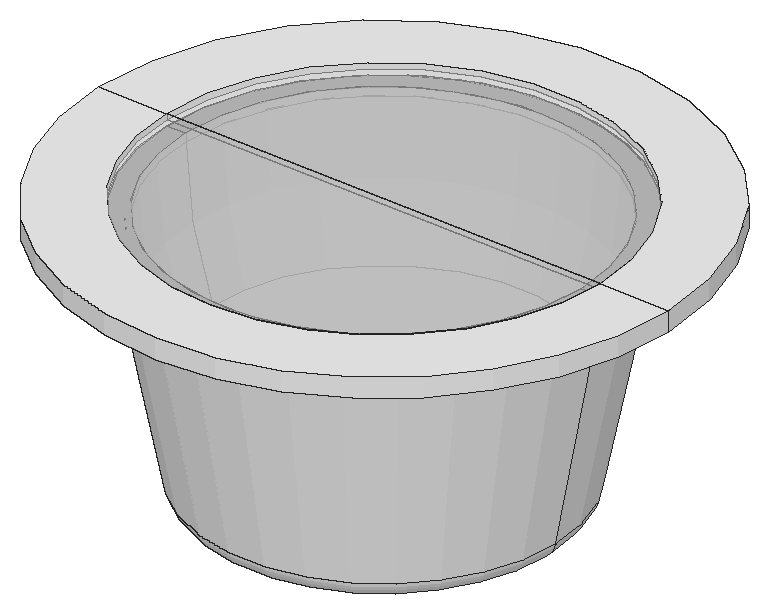
Revit family "2060541+2039013 Sylvania Lighting Fixture ASCENT 100 II ARCH 1000 3K STD EMG 160 with IP54 PC Cover", category Lighting Fixtures, host Face, Revit 2016
Family settings
  Host = Face
  Part Type = Normal
  Round Connector Dimension = Use Diameter
  OmniClass Number = 23.80.70.11.17
  OmniClass Title = Specialized Lighting by Location or Use
  Cut with Voids When Loaded = No
  Light Source = Yes
  Shared = No
  Room Calculation Point = No
Parameters (values of type "2060541+2039013 ASCT100 II ARCH 1000 3K STD EMG 160 with IP54 PC Cover")
  WidthBezelAcc_SYL = 25.0 mm
  Weight = "1.92 kg"
  Wattage = 9 W
  WarrantyStartDate [instance] = "n/a"
  WarrantyGuarantorParts = "n/a"
  WarrantyDurationUnit = "n/a"
  WarrantyDurationParts = "n/a"
  WarrantyDescription = "n/a"
  built-in parameter 1150110 = 1 (stored number, unit not read)
  Voltage = 0 V
  VisibilityAccessory_SYL = yes
  TypeName = "ASCENT 100 II ARCH 1000 3K STD EMG 160 with IP54 PC Cover"
  built-in parameter 1114217 = 1 (stored number, unit not read)
  Tilt Angle = -90°
  built-in parameter 1150109 = 1 (stored number, unit not read)
  built-in parameter 1150134 = (empty or 0)
  built-in parameter 1150113 = 1 (stored number, unit not read)
  SerialNumber [instance] = "n/a"
  ReflectorRadius_SYL = Radius_SYL - 14.5 mm  # 80.0 mm
  RadiusAcc_SYL = 105.0 mm
  Radius_SYL = 94.5 mm
  URL = "http://www.sylvania-lighting.com"
  PowerFactor = 0
  PowerConsumption = "9 W"
  Photometric Web File = "2060541.ies"
  NominalWidth = 0.0 mm
  NominalLength = 0.0 mm
  NominalHeight = 94.0 mm
  Name = "ASCENT 100 II ARCH 1000 3K STD EMG 160 with IP54 PC Cover"
  ModelReference = "ASCENT 100 II ARCH 1000 3K STD EMG 160 with IP54 PC Cover"
  ModelNumber = "2060541+2039013"
  Material_4_SYL = none
  Material_3_SYL = Polycarbonate_Sylvania_Ascent_Clear
  Material_2_SYL = Aluminium_Sylvania_Ascent_Silver
  Material_1_SYL = Aluminum_Sylvania_Ascent_White
  Material = "aluminium housing, arcylic diffuser"
  ManufacturerName = "Feilo Sylvania"
  LuminousEfficacy = "108 lm/W"
  built-in parameter 1150105 = 77.349 (stored number, unit not read)
  Lumens = 972 lm
  LuminaireType = ""
  built-in parameter 1150115 = 1 (stored number, unit not read)
  LightOutputRatio = "100"
  built-in parameter 1150137 = (empty or 0)
  built-in parameter 1150139 = (empty or 0)
  LampsType = Lamp  # "LED"
  LampNominalLuminous = "968 lm"
  LampMacAdamStep = "3"
  LampColourTemperature = "3000 K"
  LampColourRenderingIndex = "80"
  built-in parameter 1150112 = 1 (stored number, unit not read)
  built-in parameter 1150114 = 1 (stored number, unit not read)
  Keynote = "16500"
  InstallationDate [instance] = "n/a"
  InputVoltage = "n/a"
  InputNominalFrequency = "n/a"
  built-in parameter 1150132 = (empty or 0)
  built-in parameter 1150102 = (empty or 0)
  built-in parameter 1150107 = 3000 (stored number, unit not read)
  built-in parameter 1150138 = (empty or 0)
  IngressProtection = "IP54"
  ImpactProtectionIndex = "IK02"
  built-in parameter 1150106 = 0.77349 (stored number, unit not read)
  IfcExportType = "IfcLightFixtureType"
  IfcExportAs = "IfcLightFixtureType"
  Height_SYL = 94.0 mm
  HeightAcc_SYL = 7.0 mm
  ExpectedLife = 50000
  EmittionSurface_SYL = if(VisibilityAccessory_SYL, 7.0 mm, 3.0 mm)  # 7.0 mm
  Emit from Circle Diameter = DiffuserRadius_SYL * 2  # 146.0 mm
  Emit Shape Visible in Rendering = no
  ElectricShockClassification = "Class II"
  built-in parameter 1150104 = 10.034 (stored number, unit not read)
  DurationUnit = "hours"
  DocumentationLiterature = "http://www.sylvania-lighting.com/product/en-int/products/2060541"
  DimmingControlOptions = "n/a"
  Dimming Lamp Color Temperature Shift = <None>
  DiffuserRadius_SYL = ReflectorRadius_SYL - 7.0 mm  # 73.0 mm
  Diameter_SYL = 2 * Radius_SYL  # 189.0 mm
  CutoutDiameter_SYL = Diameter_SYL - 13.0 mm  # 176.0 mm
  CreatedOn = "9/17/2018"
  CreatedBy = "@sylvania-lighting.com"
  Color Filter = 16777215
  built-in parameter 1114216 [instance] = 1 (stored number, unit not read)
  Model = "ASCENT 100 II ARCH 1000 3K STD EMG 160 with IP54 PC Cover"
  Manufacturer = "Feilo Sylvania"
  Lamp = "LED"
  Description = "Direct LED retro fit for original LED 100 Arch (160) single CFL lamp offering Matching lumen levels and improved light distribution of original LED 100 CFL lamp equivalents Typically half the power consumption compared to CFL Up to 112lm/W 160mm aperture Architectural reflector accepts range of glass accessories from existing LED 100 Arch 160 offering HE, HO and VHO versions equivalent of single 1 x 18W, 1 x 32W, 1 x 42W\r\n Additional VVHO versions which offer the performance circa 2 x 32W equivalent"  # constant formula
  Default Elevation = 0.0 mm
  built-in parameter 1140040 [instance] = 1
  BarCode [instance] = "n/a"
  built-in parameter 1114218 = 1 (stored number, unit not read)
  built-in parameter 1150133 = 10 (stored number, unit not read)
  AssetType = "Fixed"
  AssetIdentifier [instance] = "n/a"
  Assembly Code = "D5020200"
  Apparent Load = 9 VA
  Aperture_SYL = 2 * ReflectorRadius_SYL  # 160.0 mm
Types (2, lengths in mm): name | Wattage | TypeName | Photometric Web File | Name | ModelReference | built-in parameter 1150105 | Lumens | built-in parameter 1150106 | Model | Apparent Load
  2060541+2039013 ASCT100 II ARCH 1000 3K STD EMG 160 with IP54 PC Cover | 9 W | "ASCENT 100 II ARCH 1000 3K STD EMG 160 with IP54 PC Cover" | "2060541.ies" | "ASCENT 100 II ARCH 1000 3K STD EMG 160 with IP54 PC Cover" | "ASCENT 100 II ARCH 1000 3K STD EMG 160 with IP54 PC Cover" | 77.349 (stored number, unit not read) | 972 lm | 0.77349 (stored number, unit not read) | "ASCENT 100 II ARCH 1000 3K STD EMG 160 with IP54 PC Cover" | 9 VA
  2060541+2039013 ASCT100 II ARCH 1000 3K STD EMG 160 with IP54 PC Cover Emergency mode | 1.65741 W | "ASCT100 II ARCH 1000 3K STD EMG 160 with IP54 PC Cover Emergency mode" | "2060541EM.ies" | "ASCT100 II ARCH 1000 3K STD EMG 160 with IP54 PC Cover Emergency mode" | "ASCT100 II ARCH 1000 3K STD EMG 160 with IP54 PC Cover Emergency mode" | 14.244 (stored number, unit not read) | 179 lm | 0.14244 (stored number, unit not read) | "ASCT100 II ARCH 1000 3K STD EMG 160 with IP54 PC Cover Emergency mode" | 1.65741 VA
Reference planes
  plane 1 "Center (Front/Back)": y = 0
  plane 2: z = 0
  plane 3 "Center (Left/Right)": x = 0
  plane 4 "Fixture Bottom": z = 3
  plane 5: z = -52.5
  plane 6 "Fixture Top": z = -91
  plane 7: x = -105
  plane 8: z = 7
  plane 9: x = -80
  plane 10: z = 5
  plane 11: x = -103
Forms (mm)
  Extrusion 1, solid, material "Aluminum_Sylvania_Ascent_White", detail levels fine
    sketch origin (0, 0, 0) x (1, 0, 0) y (0, 1, 0)
      loop
        circle (0, 0) r 94.5
      loop
        circle (0, 0) r 80
    from 0 to 3
  Extrusion 2, void
    sketch origin (0, 0, 0) x (1, 0, 0) y (0, 1, 0)
      loop
        circle (0, 0) r 88
    from -91 to 3
  Revolve 3, solid, material "Aluminum_Sylvania_Ascent_White" <- "Material_1_SYL", detail levels fine
    sketch origin (0, 0, 0) x (1, 0, 0) y (0, 0, 1)
      loop
        line (0, -91.073) -> (0, -89.023) -> (-55.468, -89.014)
        arc (-55.468, -89.014) -> (-59.352, -87.613) -> (-61.54, -84.139) r 6.307
        line (-61.54, -84.139) -> (-77.991, -2.844) -> (-77.991, 0) -> (-80, 0) -> (-80, -3) -> (-63.5, -84.536)
        arc (-63.5, -84.536) -> (-60.643, -89.203) -> (-55.5, -91.073) r 8.291
        line (-55.5, -91.073) -> (0, -91.073)
      axis (0, 0) -> (0, -91.073)
    angle from 0 to 360
  Revolve 4, solid, material "Aluminium_Sylvania_Ascent_Silver" <- "Material_2_SYL", detail levels fine
    sketch origin (0, 0, 0) x (1, 0, 0) y (0, 0, 1)
      loop
        line (-80, 3) -> (-80, 0) -> (-75, 0)
        arc (-75, 0) -> (-72.349, -26.77) -> (-64.5, -52.5) r 136.5
        line (-64.5, -52.5) -> (-58, -52.5)
        arc (-58, -52.5) -> (-56.857, -61.521) -> (-53.5, -69.971) r 36.166
        line (-53.5, -69.971) -> (0, -69.971) -> (0, -50.5) -> (-63.16, -50.5)
        arc (-63.16, -50.5) -> (-70.517, -25.725) -> (-73, 0) r 134.5
        line (-73, 0) -> (-73, 3) -> (-80, 3)
      axis (0, 3) -> (0, -69.971)
    angle from 0 to 360
  Extrusion 5, solid, material "Polycarbonate_Sylvania_Ascent_Clear" <- "Material_3_SYL", detail levels fine
    sketch origin (0, 0, 0) x (1, 0, 0) y (0, 1, 0)
      loop
        circle (0, 0) r 73
    from 0 to 3
  Revolve 6, solid, material "Aluminum_Sylvania_Ascent_White" <- "Material_1_SYL", detail levels coarse+medium
    sketch origin (0, 0, 0) x (1, 0, 0) y (0, 0, 1)
      loop
        line (0, -91.073) -> (0, 3) -> (-94.5, 3) -> (-94.5, 0) -> (-79.5, 0) -> (-79.5, -3) -> (-63, -84.536)
        arc (-63, -84.536) -> (-60.143, -89.203) -> (-55, -91.073) r 8.291
        line (-55, -91.073) -> (0, -91.073)
      axis (0, 3) -> (0, -91.073)
    angle from 0 to 360
  Revolve 7, solid, material "Aluminum_Sylvania_Ascent_White" <- "Material_1_SYL", visible <- "VisibilityAccessory_SYL"
    sketch origin (0, 0, 0) x (1, 0, 0) y (0, 0, 1)
      loop
        line (-105, 0) -> (-103, 0) -> (-103, 5) -> (-80, 5) -> (-80, 7) -> (-105, 7) -> (-105, 0)
      axis (0, 7) -> (0, 0)
    angle from 0 to 360
  Revolve 8, solid, material "Polycarbonate_Sylvania_Ascent_Clear" <- "Material_3_SYL", visible <- "VisibilityAccessory_SYL"
    sketch origin (0, 0, 0) x (1, 0, 0) y (0, 0, 1)
      loop
        line (-80, 7) -> (-80, 5) -> (0, 5) -> (0, 7) -> (-80, 7)
      axis (0, 7) -> (0, 5)
    angle from 0 to 360
Lines and regions (mm)
  reference lines
    curve 1: line (-150, 0, 7) -> (125, 0, 7)
Dimensions and locks
  locked: plane 4 "Fixture Bottom" to plane 2 at 3
  "Height_SYL": plane 4 "Fixture Bottom" to plane 6 "Fixture Top"
  "ReflectorRadius_SYL": plane 3 "Center (Left/Right)" to Revolve 4 sketch curve
  locked: Revolve 4 sketch curve to Revolve 4 sketch curve at 15.5
  locked: Revolve 4 sketch curve to Revolve 4 sketch curve at 5
  locked: Revolve 4 sketch curve to Revolve 4 sketch curve at 7
  locked: Revolve 4 sketch curve to Revolve 4 sketch curve at 22
  locked: Revolve 4 sketch curve to Revolve 4 sketch curve at 26.5
  locked: Revolve 3 sketch curve to Revolve 3 sketch curve at 16.5
  locked: Revolve 3 sketch curve to Revolve 3 sketch curve at 24.5
  "ReflectorRadius_SYL": Revolve 3 sketch curve to plane 3 "Center (Left/Right)"
  locked: Revolve 3 sketch curve to plane 6 "Fixture Top" at 6.464
  locked: plane 2 to Revolve 3 sketch curve at 3
  locked: Revolve 3 sketch curve to Revolve 3 sketch curve at 2
  locked: Revolve 3 sketch curve to Revolve 3 sketch curve at 2.009
  locked: plane 2 to plane 5 at 52.5
  locked: Revolve 6 sketch curve to Revolve 6 sketch curve at 31.5
  locked: Revolve 6 sketch curve to Revolve 6 sketch curve at 39.5
  locked: Revolve 6 sketch curve to Revolve 6 sketch curve at 15
  "Radius_SYL": plane 3 "Center (Left/Right)" to Revolve 6 sketch curve
  "RadiusAcc_SYL": plane 3 "Center (Left/Right)" to plane 7
  "HeightAcc_SYL": plane 8 to level
  "WidthBezelAcc_SYL": plane 7 to plane 9
  locked: plane 7 to plane 11 at 2
  locked: plane 8 to plane 10 at 2
  "EmittionSurface_SYL": curve 1 to level
  "CutoutDiameter_SYL": diameter of Extrusion 2 sketch curve
  "ReflectorRadius_SYL": radius of Extrusion 1 sketch curve
  "DiffuserRadius_SYL": radius of Extrusion 5 sketch curve
  "Radius_SYL": radius of Extrusion 1 sketch curve
  aligned and locked: host face to plane 2
  aligned and locked: host face to level
  aligned and locked: plane 4 "Fixture Bottom" to Extrusion 1
  aligned and locked: Extrusion 1 to plane 2
  aligned and locked: Revolve 3 sketch curve to plane 3 "Center (Left/Right)"
  aligned and locked: Revolve 4 sketch curve to plane 3 "Center (Left/Right)"  (x2)
  aligned and locked: plane 4 "Fixture Bottom" to Revolve 4 sketch curve
  aligned and locked: Extrusion 5 to plane 2
  aligned and locked: plane 2 to Revolve 3 sketch curve  (x2)
  aligned and locked: Revolve 6 sketch curve to plane 3 "Center (Left/Right)"
  aligned and locked: plane 6 "Fixture Top" to Extrusion 2
  aligned and locked: Revolve 7 sketch curve to plane 3 "Center (Left/Right)"
  aligned and locked: host face to Revolve 7 sketch curve  (x2)
  aligned and locked: Revolve 7 sketch curve to plane 7
  aligned and locked: plane 8 to Revolve 7 sketch curve
  aligned and locked: plane 9 to Revolve 7 sketch curve
  aligned and locked: Revolve 7 sketch curve to plane 10
  aligned and locked: plane 11 to Revolve 7 sketch curve
  aligned and locked: Revolve 7 to Revolve 8 sketch curve
  aligned and locked: Revolve 8 sketch curve to Revolve 7  (x2)
  aligned and locked: Revolve 8 sketch curve to plane 3 "Center (Left/Right)"  (x2)
  aligned and locked: plane 3 "Center (Left/Right)" to imposter light
  aligned and locked: imposter light to plane 1 "Center (Front/Back)"
  aligned and locked: imposter light to curve 1
Automatic sketch dimensions
  plane 1 "Center (Front/Back)" to Extrusion 2 sketch curve = 0.0 mm
  Extrusion 2 sketch curve to plane 3 "Center (Left/Right)" = 0.0 mm
  Extrusion 1 sketch curve to Extrusion 1 sketch curve = 0.0 mm  (x2)
  plane 1 "Center (Front/Back)" to Extrusion 1 sketch curve = 0.0 mm
  Extrusion 1 sketch curve to plane 3 "Center (Left/Right)" = 0.0 mm
  plane 6 "Fixture Top" to Revolve 3 sketch curve = 0.073 mm
  Revolve 3 sketch curve to plane 6 "Fixture Top" = 6.861 mm
  Revolve 3 sketch curve to Revolve 3 sketch curve = 0.003 mm
  Revolve 3 sketch curve to Revolve 3 sketch curve = 0.009 mm  (x2)
  Revolve 3 sketch curve to Revolve 3 sketch curve = 0.023 mm
  Revolve 3 sketch curve to Revolve 3 sketch curve = 0.072 mm
  Revolve 3 sketch curve to Revolve 3 sketch curve = 0.008 mm
  Revolve 3 sketch curve to plane 6 "Fixture Top" = 1.977 mm
  Revolve 3 sketch curve to Revolve 3 sketch curve = 33.496 mm
  Revolve 3 sketch curve to Revolve 3 sketch curve = 0.028 mm
  plane 4 "Fixture Bottom" to Revolve 3 sketch curve = 82.431 mm
  Revolve 4 sketch curve to Revolve 4 sketch curve = 0.0 mm  (x2)
  Revolve 4 sketch curve to plane 5 = 0.0 mm
  Revolve 4 sketch curve to level = 0.0 mm
  plane 5 to Revolve 4 sketch curve = 2.0 mm
  plane 4 "Fixture Bottom" to Revolve 4 sketch curve = 9.642 mm
  plane 1 "Center (Front/Back)" to Extrusion 5 sketch curve = 0.0 mm
  Extrusion 5 sketch curve to plane 3 "Center (Left/Right)" = 0.0 mm
  Revolve 4 sketch curve to level = 69.971 mm
  Revolve 4 sketch curve to Revolve 4 sketch curve = 2.387 mm
  Revolve 6 sketch curve to level = 0.0 mm
  Revolve 6 sketch curve to plane 3 "Center (Left/Right)" = 0.0 mm
  Revolve 6 sketch curve to Revolve 6 sketch curve = 8.104 mm
  Revolve 6 sketch curve to level = 3.0 mm
  Revolve 6 sketch curve to plane 6 "Fixture Top" = 6.464 mm
  plane 6 "Fixture Top" to Revolve 6 sketch curve = 0.073 mm
  Revolve 6 sketch curve to Revolve 6 sketch curve = 33.496 mm
  plane 4 "Fixture Bottom" to Revolve 6 sketch curve = 82.431 mm
  host sketch curve to host sketch curve = 1704.996 mm
  host sketch curve to host sketch curve = 1500.0 mm
  plane 6 "Fixture Top" to Revolve 7 sketch curve = 281.274 mm
  Revolve 7 sketch curve to plane 8 = 1140.706 mm
  plane 6 "Fixture Top" to Revolve 8 sketch curve = 281.274 mm
  Revolve 8 sketch curve to Revolve 8 sketch curve = 1140.706 mm
  Revolve 3 sketch curve to plane 3 "Center (Left/Right)" = 0.0 mm
  Revolve 6 sketch curve to plane 4 "Fixture Bottom" = 0.0 mm
  plane 7 to curve 1 = 45.0 mm
  plane 3 "Center (Left/Right)" to curve 1 = 125.0 mm
Connectors
  electrical at (0, 0, -91.073), driven by "Apparent Load"
    settings: on Revolve 3, index 1, voltage 240 V, apparent load 0 VA, apparent load phase1 9 VA, apparent load phase2 0 VA, apparent load phase3 0 VA, power factor 1, load classification "Lighting", number of poles 1, system type 31, power factor state 1, is connector primary yes, connector utility no, sub classification motor no, connector description ""
